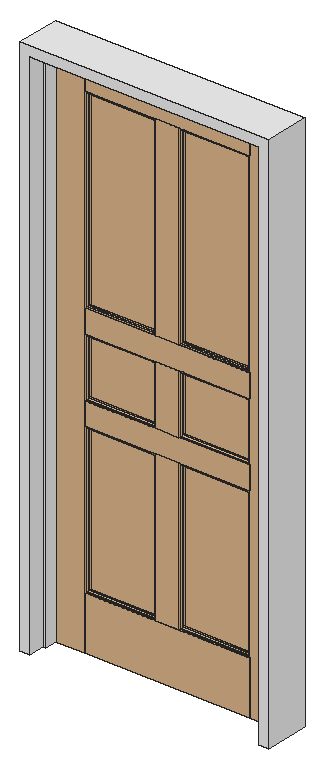
Revit family
Parameters (values of type "1 3/4" Flat Panel")
  URL = "http://www.karonadoor.com"
  Thickness Note = "Do not edit thickness."  # constant formula
  Thickness = 1.774"
  Swing Angle 2D = 90.00°
  SmartBIM Object Version = 1  # constant formula
  SmartBIM Object Created By = "Reed Construction Data"  # constant formula
  Rough Width = 0.000"
  Rough Height = 1.750"
  Panel = Panel_K5600_Karona : 1 3/4" - Flat Panel
  Model = "K5600 Ogee"  # constant formula
  Manufacturer = "Karona , Inc."  # constant formula
  Detail Door Thickness = 1.750"
  Assembly Code = ""
  Top Rail Height = 5.000"
  Top Rail = Wood, Cherry - Grain Horizontal
  Stile Width = 5.063"
  Stile = Wood, Cherry - Grain Vertical
  Sticking = Wood, Cherry - Grain Vertical
  Middle Rail = Wood, Cherry - Grain Horizontal
  Height = 84.000"  # constant formula
  Wall Closure = (empty or 0)
  Width = 36.000"  # constant formula
  Frame = Metal
  Bottom Rail Height = 8.500"
  Bottom Rail = Wood, Cherry - Grain Horizontal
  95 CSI = "08210"  # constant formula
  04 CSI = "08 14 33"  # constant formula
Types (9): name | Thickness | Rough Height | Panel | Detail Door Thickness
  1 3/4" Flat Panel | 1.774" | 1.750" | Panel_K5600_Karona : 1 3/4" - Flat Panel | 1.750"
  1 3/8" Flat Panel | 1.334" | 0.000" | Panel_K5600_Karona : 1 3/8" - Flat Panel | 1.375"
  2 1/4" Flat Panel | 2.250" | 0.000" | Panel_K5600_Karona : 2 1/4" - Flat Panel | 2.250"
  1 3/4" Glass Panel | 1.774" | 1.750" | Panel_K5600_Karona : 1 3/4" - Glass Panel | 1.750"
  1 3/8" Glass Panel | 1.334" | 0.000" | Panel_K5600_Karona : 1 3/8" - Glass Panel | 1.375"
  2 1/4" Glass Panel | 2.250" | 0.000" | Panel_K5600_Karona : 2 1/4" - Glass | 2.250"
  1 3/4" Raised Panel | 1.774" | 1.750" | Panel_K5600_Karona : 1 3/4" - Raised Panel | 1.750"
  1 3/8" Raised Panel | 1.334" | 0.000" | Panel_K5600_Karona : 1 3/8" - Raised Panel | 1.375"
  2 1/4" Raised Panel | 2.250" | 0.000" | Panel_K5600_Karona : 2 1/4" - Raised Panel | 2.250"
Reference planes (in)
  plane 1 "Center (Front/Back)": y = 0
  plane 2 "Center (Left/Right)": x = 0
  plane 3 "Left": x = -18
  plane 4 "Right": x = 18
  plane 5 "Top": z = 84
  plane 6 "Exterior Edge of Frame": y = 3.5
  plane 7 "Interior Edge of Frame": y = -3.5
  plane 8: y = 1
  plane 9: y = -1
  plane 10 "Opening Left": x = -19.5
  plane 11 "Opening Right": x = 19.5
  plane 12 "Top of Opening": z = 85.5
  plane 13: x = -17.5
Forms (in)
  Sweep 1, solid, material "Metal" <- "Frame"
    path origin (0, 0, 0) x (1, 0, 0) y (0, 0, 1)
      loop
        line (-19.5, 0) -> (-19.5, 85.5) -> (19.5, 85.5) -> (19.5, 0)
    profile origin (-19.5, 0, 42.75) x (-1, 0, 0) y (0, -1, 0)
      loop
        line (0, -3.5) -> (0, 3.5) -> (-1.5, 3.5) -> (-1.5, 1) -> (-2, 1) -> (-2, -1) -> (-1.5, -1) -> (-1.5, -3.5) -> (0, -3.5)
Lines and regions (in)
  Opening 1
    outline origin (-90, -3, 0) x (1, 0, 0) y (0, 0, 1)
      loop
        line (70.5, 0) -> (109.5, 0) -> (109.5, 85.5) -> (70.5, 85.5) -> (70.5, 0)
  symbolic lines, style "Elevation Swing"
    curve 1: line (18, 3, 0) -> (-18, 3, 42)
    curve 2: line (-18, 3, 42) -> (18, 3, 84)
Text (in)
  text "Exterior" at (-46.13199, 20.20143, 0), in view "Ref. Level"
  text "Interior" at (-46.13199, -10.56751, 0), in view "Ref. Level"
  text "Exterior" at (0, 40.15149, 123.01588), in view "Right"
  text "Interior" at (0, -64.39139, 123.01588), in view "Right"
  text "Interior" at (0, -31.01599, 123.00693), in view "Left"
  text "Exterior" at (0, 54.57065, 123.00693), in view "Left"
Dimensions and locks (in)
  "Height": level to plane 5 "Top"
  "Width": plane 3 "Left" to plane 4 "Right"
  equal spacing: host wall, curve 2, plane 5 "Top"
  locked: host wall to plane 7 "Interior Edge of Frame" at 0.5
  locked: plane 6 "Exterior Edge of Frame" to host wall at 0.5
  locked: plane 9 to plane 7 "Interior Edge of Frame" at 2.5
  locked: plane 6 "Exterior Edge of Frame" to plane 8 at 2.5
  equal spacing: plane 3 "Left", plane 2 "Center (Left/Right)", plane 4 "Right"
  locked: plane 4 "Right" to plane 11 "Opening Right" at 1.5
  locked: plane 5 "Top" to plane 12 "Top of Opening" at 1.5
  locked: plane 3 "Left" to plane 13 at 0.5
  locked: plane 10 "Opening Left" to plane 3 "Left" at 1.5
  aligned and locked: Opening 1 sketch curve to level
  aligned and locked: plane 4 "Right" to curve 1
  aligned and locked: plane 3 "Left" to curve 1
  aligned and locked: plane 5 "Top" to curve 2
  aligned and locked: Opening 1 sketch curve to plane 11 "Opening Right"
  aligned and locked: plane 12 "Top of Opening" to Opening 1 sketch curve
  aligned and locked: Opening 1 sketch curve to plane 10 "Opening Left"
  aligned and locked: plane 10 "Opening Left" to Sweep 1 sketch curve
  aligned and locked: plane 12 "Top of Opening" to Sweep 1 sketch curve
  aligned and locked: plane 11 "Opening Right" to Sweep 1 sketch curve
  aligned and locked: level to Sweep 1 sketch curve  (x2)
  aligned and locked: Sweep 1 sketch curve to plane 10 "Opening Left"
  aligned and locked: Sweep 1 sketch curve to plane 6 "Exterior Edge of Frame"
  aligned and locked: Sweep 1 sketch curve to plane 7 "Interior Edge of Frame"
  aligned and locked: Sweep 1 sketch curve to plane 8
  aligned and locked: Sweep 1 sketch curve to plane 9
  aligned and locked: plane 13 to Sweep 1 sketch curve
  aligned and locked: plane 3 "Left" to Sweep 1 sketch curve  (x2)
  aligned and locked: nested 1 to plane 2 "Center (Left/Right)"
  aligned and locked: nested 1 to plane 8
  aligned and locked: nested 2 to plane 3 "Left"
  aligned and locked: nested 2 to plane 8
Automatic sketch dimensions
  curve 1 to level = 0.000"
  curve 2 to plane 4 "Right" = 0.000"
Nested families (in)
  nested 1: "Panel_K5600_Karona" at (-13.5, 0.6575, 0) x (-1, 0, 0) z (0, 0, 1), type <- "Panel", type "1 3/4" - Flat Panel"
  nested 2: "Door Panel Plan View" at (-31.5, 1, 0) x (-1, 0, 0) z (0, 0, 1), type "Door Panel Plan View"
    with Thickness 1.750", Height 84.000"
Definition of nested family "Panel_K5600_Karona"
  Parameters (values of type "1 3/4" - Raised Panel")
    Width = 36.000"
    Top Rail Material = Wood, Cherry - Grain Horizontal
    Top Rail Height = 5.000"
    Top Panel Offset = 16.542"
    Thickness Note = "Do not change door thickness"  # constant formula
    Thickness = 1.774"
    Stile Width = 5.063"
    Stile Material = Wood, Cherry - Grain Vertical
    Sticking Material = Wood, Cherry - Grain Vertical
    Panel Width = (Width - ((2 * Stile Width) + Mullion Width)) / 2  # 11.1245"
    Panel Height = Height - (Top Rail Height + Mullion Width + Middle Panel Height + Mullion Width + Bottom Panel Height + Bottom Rail Height)  # 30.500"
    Panel = Glass-Sticking-Assembly-Ogee_Karona : Raised Panel
    Mullion Width = 3.625"  # constant formula
    Middle Panel Width = Width - (2 * Stile Width)  # 25.874"
    Middle Panel Height = 9.375"  # constant formula
    Interior Panel = Wood, Cherry - Grain Vertical
    Height = 84.000"
    Exterior Edge - Glass Bottom Offset = if(Thickness = 1.774", 0.567", if(Thickness = 2.250", 0.803", 0.469"))  # 0.567"
    Door Panel Material = Wood, Cherry - Grain Vertical
    Default Elevation = 0.000"  # constant formula
    Bottom Rail Material = Wood, Cherry - Grain Horizontal
    Bottom Rail Height = 8.500"
    Bottom Panel Height = Bottom Height - (Mullion Width + Bottom Rail Height)  # 23.375"
    Bottom Height = 35.500"
    Assembly Code = ""
  Types (9): name | Top Panel Offset | Thickness | Panel | Interior Panel | Exterior Edge - Glass Bottom Offset
    2 1/4" - Flat Panel | 14.875" | 2.250" | Glass-Sticking-Assembly-Ogee_Karona : Flat Panel | Wood, Cherry - Grain Vertical | 0.803"
    2 1/4" - Glass | 14.875" | 2.250" | Glass-Sticking-Assembly-Ogee_Karona : Glass Panel | Glass | 0.803"
    2 1/4" - Raised Panel | 14.875" | 2.250" | Glass-Sticking-Assembly-Ogee_Karona : Raised Panel | Wood, Cherry - Grain Vertical | 0.803"
    1 3/4" - Raised Panel | 16.542" | 1.774" | Glass-Sticking-Assembly-Ogee_Karona : Raised Panel | Wood, Cherry - Grain Vertical | 0.567"
    1 3/4" - Flat Panel | 14.875" | 1.774" | Glass-Sticking-Assembly-Ogee_Karona : Flat Panel | Wood, Cherry - Grain Vertical | 0.567"
    1 3/4" - Glass Panel | 14.875" | 1.774" | Glass-Sticking-Assembly-Ogee_Karona : Glass Panel | Glass | 0.567"
    1 3/8" - Raised Panel | 14.875" | 1.334" | Glass-Sticking-Assembly-Ogee_Karona : Raised Panel | Wood, Cherry - Grain Vertical | 0.469"
    1 3/8" - Glass Panel | 14.875" | 1.334" | Glass-Sticking-Assembly-Ogee_Karona : Glass Panel | Glass | 0.469"
    1 3/8" - Flat Panel | 14.875" | 1.334" | Glass-Sticking-Assembly-Ogee_Karona : Flat Panel | Wood, Cherry - Grain Horizontal | 0.469"
  Reference planes (in)
    plane 1 "Center (Front/Back)": y = 1.2295
    plane 2: z = 0
    plane 3 "Center (Left/Right)": x = -13.5
    plane 4 "Left": x = -31.5
    plane 5: x = 4.5
    plane 6 "Inner Left": x = -26.437
    plane 7 "Inner Right": x = -0.563
    plane 8 "Bottom Of Top Rail": z = 79
    plane 9 "Top": z = 84
    plane 10 "Interior Edge of Door": y = 2.1165
    plane 11: z = 79
    plane 12 "Exterior Edge of Door": y = 0.3425
    plane 13 "Bottom of Glass": y = 0.9095
    plane 14 "Left Panel Vertical Midline": x = -13.5
    plane 15: z = 48.5
    plane 16: z = 44.875
    plane 17: z = 35.5
    plane 18: z = 31.875
    plane 19: z = 8.5
    plane 20: z = 63.75
    plane 21: z = 20.1875
    plane 22: z = 40.1875
    plane 23: x = -20.87475
    plane 24: x = -6.12525
    plane 25: x = -15.3125
    plane 26: x = -11.6875
  Forms (in)
    Extrusion 1, solid, material "Wood, Cherry - Grain Horizontal" <- "Bottom Rail Material"
      sketch origin (0, -101.3125, 0) x (1, 0, 0) y (0, 0, 1)
        loop
          line (-26.437, 0) -> (-0.563, 0) -> (-0.563, 8.5) -> (-26.437, 8.5) -> (-26.437, 0)
      from -103.429 to -101.655
    Extrusion 2, solid, material "Wood, Cherry - Grain Vertical" <- "Stile Material"
      sketch origin (0, 1.2295, 0) x (1, 0, 0) y (0, 0, 1)
        loop
          line (-31.5, 84) -> (-31.5, 0) -> (-26.437, 0) -> (-26.437, 84) -> (-31.5, 84)
        loop
          line (-0.563, 0) -> (4.5, 0) -> (4.5, 84) -> (-0.563, 84) -> (-0.563, 0)
      from -0.887 to 0.887
    Extrusion 3, solid, material "Wood, Cherry - Grain Horizontal" <- "Top Rail Material"
      sketch origin (0, 1.2295, 0) x (1, 0, 0) y (0, 0, 1)
        loop
          line (-26.437, 84) -> (-26.437, 79) -> (-0.563, 79) -> (-0.563, 84) -> (-26.437, 84)
      from -0.887 to 0.887
    Extrusion 4, solid, material "Wood, Cherry - Grain Horizontal" <- "Top Rail Material"
      sketch origin (0, 1.2295, 0) x (1, 0, 0) y (0, 0, 1)
        loop
          line (-26.437, 31.875) -> (-0.563, 31.875) -> (-0.563, 35.5) -> (-26.437, 35.5) -> (-26.437, 31.875)
        loop
          line (-26.437, 48.5) -> (-26.437, 44.875) -> (-0.563, 44.875) -> (-0.563, 48.5) -> (-26.437, 48.5)
      from -0.887 to 0.887
    Extrusion 5, solid, material "Wood, Cherry - Grain Vertical" <- "Door Panel Material"
      sketch origin (0, 1.2295, 0) x (1, 0, 0) y (0, 0, 1)
        loop
          line (-15.3125, 79) -> (-15.3125, 48.5) -> (-11.6875, 48.5) -> (-11.6875, 79) -> (-15.3125, 79)
        loop
          line (-15.3125, 31.875) -> (-15.3125, 8.5) -> (-11.6875, 8.5) -> (-11.6875, 31.875) -> (-15.3125, 31.875)
        loop
          line (-15.3125, 35.5) -> (-11.6875, 35.5) -> (-11.6875, 44.875) -> (-15.3125, 44.875) -> (-15.3125, 35.5)
      from -0.887 to 0.887
  Text (in)
    text "EXTERIOR" at (-34.59289, -1.27941, 0), in view "Ref. Level"
    text "EXTERIOR" at (0, -9.65287, 72.76687), in view "Left"
    text "EXTERIOR" at (0, -33.33473, 96.68074), in view "Right"
  Dimensions and locks (in)
    equal spacing: plane 4 "Left", plane 3 "Center (Left/Right)", plane 5
    "Width": plane 4 "Left" to plane 5
    "Stile Width": plane 4 "Left" to plane 6 "Inner Left"
    "Stile Width": plane 5 to plane 7 "Inner Right"
    "Top Rail Height": plane 9 "Top" to plane 8 "Bottom Of Top Rail"
    "Height": plane 9 "Top" to plane 2
    equal spacing: plane 10 "Interior Edge of Door", plane 1 "Center (Front/Back)", plane 12 "Exterior Edge of Door"
    "Thickness": plane 10 "Interior Edge of Door" to plane 12 "Exterior Edge of Door"
    "Exterior Edge - Glass Bottom Offset": plane 13 "Bottom of Glass" to plane 12 "Exterior Edge of Door"
    "Exterior Edge - Glass Bottom Offset": plane 12 "Exterior Edge of Door" to plane 13 "Bottom of Glass"
    "Mullion Width": plane 15 to plane 16
    "Bottom Rail Height": plane 19 to level
    "Panel Height": plane 11 to plane 15
    equal spacing: plane 11, plane 20, plane 15
    equal spacing: plane 18, plane 21, plane 19
    "Mullion Width": plane 17 to plane 18
    equal spacing: plane 16, plane 22, plane 17
    "Mullion Width": plane 26 to plane 25
    equal spacing: plane 25, plane 23, plane 6 "Inner Left"
    equal spacing: plane 26, plane 24, plane 7 "Inner Right"
    equal spacing: plane 26, plane 3 "Center (Left/Right)", plane 25
    "Bottom Height": plane 17 to level
    aligned and locked: Extrusion 1 to plane 2
    aligned and locked: plane 10 "Interior Edge of Door" to Extrusion 1
    aligned and locked: plane 4 "Left" to Extrusion 2 sketch curve
    aligned and locked: Extrusion 2 sketch curve to plane 9 "Top"
    aligned and locked: Extrusion 2 sketch curve to Extrusion 1  (x3)
    aligned and locked: Extrusion 1 to Extrusion 2 sketch curve
    aligned and locked: plane 9 "Top" to Extrusion 2 sketch curve
    aligned and locked: plane 5 to Extrusion 2 sketch curve
    aligned and locked: plane 10 "Interior Edge of Door" to Extrusion 2
    aligned and locked: Extrusion 2 to Extrusion 3 sketch curve
    aligned and locked: Extrusion 3 sketch curve to Extrusion 2
    aligned and locked: plane 10 "Interior Edge of Door" to Extrusion 3
    aligned and locked: plane 11 to plane 8 "Bottom Of Top Rail"
    aligned and locked: level to plane 2
    aligned and locked: Extrusion 3 to plane 12 "Exterior Edge of Door"
    aligned and locked: Extrusion 3 to plane 10 "Interior Edge of Door"
    aligned and locked: Extrusion 2 to plane 12 "Exterior Edge of Door"
    aligned and locked: Extrusion 3 to plane 11
    aligned and locked: Extrusion 1 to Extrusion 2
    aligned and locked: nested 1 to plane 1 "Center (Front/Back)"
    aligned and locked: plane 20 to nested 2
    aligned and locked: Extrusion 4 sketch curve to plane 18
    aligned and locked: Extrusion 4 sketch curve to plane 6 "Inner Left"  (x2)
    aligned and locked: Extrusion 4 sketch curve to plane 7 "Inner Right"  (x2)
    aligned and locked: Extrusion 4 sketch curve to plane 17
    aligned and locked: Extrusion 4 sketch curve to plane 15
    aligned and locked: Extrusion 4 sketch curve to plane 16
    aligned and locked: plane 10 "Interior Edge of Door" to Extrusion 4
    aligned and locked: Extrusion 4 to plane 12 "Exterior Edge of Door"
    aligned and locked: plane 23 to nested 2
    aligned and locked: plane 23 to nested 1
    aligned and locked: nested 5 to plane 20
    aligned and locked: nested 4 to plane 21
    aligned and locked: plane 24 to nested 5
    aligned and locked: plane 24 to nested 4
    aligned and locked: plane 1 "Center (Front/Back)" to nested 4
    aligned and locked: plane 1 "Center (Front/Back)" to nested 5
    aligned and locked: Extrusion 5 sketch curve to plane 25  (x3)
    aligned and locked: plane 26 to Extrusion 5 sketch curve  (x3)
    aligned and locked: Extrusion 5 sketch curve to plane 15
    aligned and locked: Extrusion 5 sketch curve to plane 11
    aligned and locked: Extrusion 5 sketch curve to plane 18
    aligned and locked: Extrusion 5 sketch curve to plane 19
    aligned and locked: plane 10 "Interior Edge of Door" to Extrusion 5
    aligned and locked: Extrusion 5 to plane 12 "Exterior Edge of Door"
    aligned and locked: plane 23 to nested 3
    aligned and locked: nested 6 to plane 22
    aligned and locked: plane 24 to nested 6
    aligned and locked: plane 1 "Center (Front/Back)" to nested 6
    aligned and locked: Extrusion 5 sketch curve to plane 17
    aligned and locked: Extrusion 5 sketch curve to plane 16
    aligned and locked: plane 22 to nested 3
    aligned and locked: plane 21 to nested 1
  Automatic sketch dimensions
    Extrusion 1 sketch curve to plane 6 "Inner Left" = 0.000"
    Extrusion 1 sketch curve to plane 7 "Inner Right" = 0.000"
    Extrusion 1 sketch curve to level = 0.000"
    Extrusion 1 sketch curve to plane 19 = 0.000"
    Extrusion 3 sketch curve to plane 7 "Inner Right" = 0.000"
    Extrusion 3 sketch curve to plane 8 "Bottom Of Top Rail" = 0.000"
  Nested families (in)
    nested 1: "Glass-Sticking-Assembly-Ogee_Karona" at (-21.3435, 1.38, 8.5), Width <- "Panel Width", Height <- "Bottom Panel Height", type <- "Panel", type "Raised Panel"
      with Width 11.1245", Height 23.375", Door Thickness 1.774", C 0.131", B 0.567", A 0.128"
    nested 2: "Glass-Sticking-Assembly-Ogee_Karona" at (-21.3435, 1.382, 48.5), Width <- "Panel Width", Height <- "Panel Height", type <- "Panel", type "Raised Panel"
      with Width 11.1245", Height 30.500", Door Thickness 1.774", C 0.131", B 0.567", A 0.128"
    nested 3: "Glass-Sticking-Assembly-Ogee_Karona" at (-21.3435, 1.38, 35.5), Width <- "Panel Width", Height <- "Middle Panel Height", type <- "Panel", type "Raised Panel"
      with Width 11.1245", Height 9.375", Door Thickness 1.774", C 0.131", B 0.567", A 0.128"
    nested 4: "Glass-Sticking-Assembly-Ogee_Karona" at (-5.6565, 1.38, 8.5) x (-1, 0, 0) z (0, 0, 1), Width <- "Panel Width", Height <- "Bottom Panel Height", type <- "Panel", type "Raised Panel"
      with Width 11.1245", Height 23.375", Door Thickness 1.774", C 0.131", B 0.567", A 0.128"
    nested 5: "Glass-Sticking-Assembly-Ogee_Karona" at (-5.6565, 1.38, 48.5) x (-1, 0, 0) z (0, 0, 1), Width <- "Panel Width", Height <- "Panel Height", type <- "Panel", type "Raised Panel"
      with Width 11.1245", Height 30.500", Door Thickness 1.774", C 0.131", B 0.567", A 0.128"
    nested 6: "Glass-Sticking-Assembly-Ogee_Karona" at (-5.6565, 1.38, 35.5) x (-1, 0, 0) z (0, 0, 1), Width <- "Panel Width", Height <- "Middle Panel Height", type <- "Panel", type "Raised Panel"
      with Width 11.1245", Height 9.375", Door Thickness 1.774", C 0.131", B 0.567", A 0.128"
  Definition of nested family "Glass-Sticking-Assembly-Ogee_Karona"
    Parameters (values of type "Glass Panel")
      Width [instance] = 5.000"
      Vertical Profile Offset = if(Glass Panel, 0.490", 0.100")  # 0.490"
      Stop Adjustment = if(and(not(Glass Panel), Door Thickness = 1.774"), 0.513", if(and(not(Glass Panel), Door Thickness = 2.250"), 0.513", if((Glass Panel), 0.125", 0.273")))  # 0.125"
      Profile = Wood, Cherry - Grain Vertical
      Height [instance] = 23.000"
      Raised Panel = no
      Interior Panel = Glass
      Glass Panel = yes
      Door Thickness = 1.334"
      C = if(Door Thickness = 1.774", 0.131", if(Door Thickness = 2.250", 0.370", 0.093"))  # 0.093"
      B = if(Door Thickness = 1.774", 0.567", if(Door Thickness = 2.250", 0.803", 0.469"))  # 0.469"
      Assembly Code = ""
      A = if(Door Thickness = 1.774", 0.128", if(Door Thickness = 2.250", 0.364", 0.095"))  # 0.095"
    Types (3): name | Width | Vertical Profile Offset | Stop Adjustment | Raised Panel | Interior Panel | Glass Panel | Door Thickness | C | B | A
      Glass Panel | 5.000" | 0.490" | 0.125" | no | Glass | yes | 1.334" | 0.093" | 0.469" | 0.095"
      Flat Panel | 4.500" | 0.100" | 0.513" | no | Wood, Cherry - Grain Vertical | no | 2.250" | 0.370" | 0.803" | 0.364"
      Raised Panel | 4.000" | 0.100" | 0.513" | yes | Wood, Cherry - Grain Vertical | no | 2.250" | 0.370" | 0.803" | 0.364"
    Reference planes (in)
      plane 1 "Stop Adjustment Edge": y = -0.3455
      plane 2: z = 0
      plane 3 "Center (Left/Right)": x = 0.46875
      plane 4 "Back": y = 0.3945
      plane 5 "Front": y = -0.9395
      plane 6 "Left": x = -2.03125
      plane 7 "Right": x = 2.96875
      plane 8 "Top": z = 23
      plane 9 "Center (Up/Down)": z = 11.5
      plane 10 "Bottom of Stop": y = -0.2205
      plane 11 "Bottom of Glass": y = -0.4705
      plane 12 "Right Edge of Glass": x = 2.91875
      plane 13 "Left Edge of Glass": x = -1.98125
      plane 14 "Top Edge of Glass": z = 22.90625
      plane 15 "Bottom Edge of Glass": z = 0.09375
      plane 16: x = 2.84375
      plane 17 "A": y = -0.8445
      plane 18 "C": y = 0.3015
      plane 19 "Bottom Cut Line": z = 0.438
      plane 20 "Top Cut Line": z = 22.562
      plane 21 "Cut Vertical Left": x = -1.59325
      plane 22 "Cut Vertical": x = 2.53075
      plane 23 "Center (Front/Back)": y = -0.2725
    Forms (in)
      Sweep 1, solid, material "Wood, Cherry - Grain Vertical" <- "Profile"
        path origin (0, -0.3455, 0) x (1, 0, 0) y (0, 0, 1)
          loop
            line (2.96875, 23) -> (-2.03125, 23) -> (-2.03125, 0) -> (2.96875, 0) -> (2.96875, 23)
        profile origin (2.96875, -0.3455, 11.5) x (0, -1, 0) y (1, 0, 0)
          loop
            line (-0.647, 0) -> (-0.647, -0.438) -> (-0.125, -0.438) -> (-0.125, -0.05) -> (0.125, -0.05) -> (0.125, -0.438) -> (0.499, -0.438) -> (0.499, 0) -> (-0.647, 0)
      Extrusion 2, solid, material "Glass" <- "Interior Panel"
        sketch origin (0, 0, 0) x (1, 0, 0) y (0, 1, 0)
          loop
            line (-1.98125, -0.2205) -> (-1.98125, -0.4705) -> (2.91875, -0.4705) -> (2.91875, -0.2205) -> (-1.98125, -0.2205)
        from 0.09375 to 22.90625
      Extrusion 3, solid, material "Wood, Cherry - Grain Vertical" <- "Profile", visible <- "Raised Panel"
        sketch origin (0, 0, 0) x (1, 0, 0) y (0, 1, 0)
          loop
            line (2.53075, 0.3015) -> (-1.59325, 0.3015) -> (-1.59325, -0.2205) -> (2.53075, -0.2205) -> (2.53075, 0.3015)
          loop
            line (-1.59325, -0.4705) -> (-1.59325, -0.8445) -> (2.53075, -0.8445) -> (2.53075, -0.4705) -> (-1.59325, -0.4705)
        from 0.438 to 22.562
      Sweep 4, void
        path origin (0, -0.2205, 0) x (-1, 0, 0) y (0, 0, 1)
          loop
            line (2.03125, 0) -> (2.03125, 23) -> (-2.96875, 23) -> (-2.96875, 0) -> (2.03125, 0)
        profile "Profile : 05" origin (-2.03125, -0.2205, 11.5) x (1, 0, 0) y (0, 1, 0)
          loop
            line (0, 0.49) -> (0.36169, 0.49096)
            arc (0.36169, 0.49096) -> (1.01257, 0.57642) -> (1.61934, 0.827) r 2.52143
            line (1.61934, 0.827) -> (0, 0.827) -> (0, 0.49)
      Sweep 5, void
        path origin (0, -0.4705, 0) x (-1, 0, 0) y (0, 0, 1)
          loop
            line (-2.96875, 23) -> (-2.96875, 0) -> (2.03125, 0) -> (2.03125, 23) -> (-2.96875, 23)
        profile "Profile : 05" origin (2.96875, -0.4705, 11.5) x (-1, 0, 0) y (0, 1, 0)
          loop
            line (0, -0.102) -> (0, -0.439) -> (1.61934, -0.439)
            arc (1.61934, -0.439) -> (1.01257, -0.18842) -> (0.36169, -0.10296) r 2.52143
            line (0.36169, -0.10296) -> (0, -0.102)
      Sweep 6, void
        path origin (0, 0.3015, 0) x (1, 0, 0) y (0, 0, 1)
          loop
            line (-1.59325, 0.438) -> (2.53075, 0.438) -> (2.53075, 22.562) -> (-1.59325, 22.562) -> (-1.59325, 0.438)
        profile "QuarterCircleCut : QuarterCircleCut" origin (2.53075, 0.3015, 11.5) x (-1, 0, 0) y (0, -1, 0)
          loop
            arc (0.3196, 0) -> (0.182, 0.057) -> (0.125, 0.1946) r 0.1946
            line (0.125, 0.1946) -> (0.125, 0.27745) -> (0, 0.27745) -> (0, 0) -> (0.3196, 0)
      Sweep 7, void
        path origin (0, -0.8445, 0) x (1, 0, 0) y (0, 0, 1)
          loop
            line (-1.59325, 0.438) -> (2.53075, 0.438) -> (2.53075, 22.562) -> (-1.59325, 22.562) -> (-1.59325, 0.438)
        profile "QuarterCircleCut : QuarterCircleCut" origin (2.53075, -0.8445, 11.5) x (-1, 0, 0) y (0, -1, 0)
          loop
            line (0.3196, 0) -> (0, 0) -> (0, -0.27745) -> (0.125, -0.27745) -> (0.125, -0.1946)
            arc (0.125, -0.1946) -> (0.182, -0.057) -> (0.3196, 0) r 0.1946
    Cuts and joins
      Sweep 4, Sweep 5, Sweep 7 cuts Extrusion 3
      Sweep 6, Sweep 7 cuts Sweep 1
    Text (in)
      text "INTERIOR" at (-14.3788, 3.49864, 0), in view "Ref. Level"
    Dimensions and locks (in)
      equal spacing: plane 6 "Left", plane 3 "Center (Left/Right)", plane 7 "Right"
      "Width": plane 6 "Left" to plane 7 "Right"
      "Door Thickness": plane 4 "Back" to plane 5 "Front"
      "Height": plane 8 "Top" to plane 2
      equal spacing: plane 8 "Top", plane 9 "Center (Up/Down)", level
      locked: plane 1 "Stop Adjustment Edge" to plane 11 "Bottom of Glass" at 0.125
      "Stop Adjustment": plane 10 "Bottom of Stop" to plane 1 "Stop Adjustment Edge"
      locked: plane 12 "Right Edge of Glass" to plane 7 "Right" at 0.05
      locked: plane 8 "Top" to plane 14 "Top Edge of Glass" at 0.09375
      locked: plane 15 "Bottom Edge of Glass" to level at 0.09375
      locked: plane 6 "Left" to plane 13 "Left Edge of Glass" at 0.05
      "B": plane 5 "Front" to plane 11 "Bottom of Glass"
      locked: plane 16 to plane 7 "Right" at 0.125
      "A": plane 5 "Front" to plane 17 "A"
      "C": plane 18 "C" to plane 4 "Back"
      plane 4 "Back" to Sweep 1 = 0.615"
      locked: plane 19 "Bottom Cut Line" to level at 0.438
      locked: plane 8 "Top" to plane 20 "Top Cut Line" at 0.438
      locked: plane 6 "Left" to plane 21 "Cut Vertical Left" at 0.438
      locked: plane 22 "Cut Vertical" to plane 7 "Right" at 0.438
      equal spacing: plane 4 "Back", plane 23 "Center (Front/Back)", plane 5 "Front"
      aligned and locked: Sweep 1 sketch curve to plane 7 "Right"
      aligned and locked: Sweep 1 sketch curve to plane 8 "Top"
      aligned and locked: Sweep 1 sketch curve to plane 6 "Left"
      aligned and locked: Sweep 1 sketch curve to level
      aligned and locked: plane 10 "Bottom of Stop" to Sweep 1 sketch curve
      aligned and locked: plane 11 "Bottom of Glass" to Sweep 1 sketch curve
      aligned and locked: Extrusion 2 sketch curve to plane 13 "Left Edge of Glass"
      aligned and locked: Extrusion 2 sketch curve to plane 10 "Bottom of Stop"
      aligned and locked: Extrusion 2 sketch curve to plane 11 "Bottom of Glass"
      aligned and locked: Extrusion 2 sketch curve to plane 12 "Right Edge of Glass"
      aligned and locked: plane 14 "Top Edge of Glass" to Extrusion 2
      aligned and locked: Extrusion 2 to plane 15 "Bottom Edge of Glass"
      aligned and locked: Extrusion 3 sketch curve to plane 18 "C"
      aligned and locked: Extrusion 3 sketch curve to plane 10 "Bottom of Stop"
      aligned and locked: Extrusion 3 sketch curve to plane 11 "Bottom of Glass"
      aligned and locked: Extrusion 3 sketch curve to plane 17 "A"
      aligned and locked: Extrusion 3 to plane 19 "Bottom Cut Line"
      aligned and locked: Extrusion 3 to plane 20 "Top Cut Line"
      aligned and locked: plane 12 "Right Edge of Glass" to Sweep 1 sketch curve
      aligned and locked: plane 22 "Cut Vertical" to Extrusion 3 sketch curve  (x2)
      aligned and locked: Extrusion 3 sketch curve to plane 21 "Cut Vertical Left"  (x2)
      aligned and locked: plane 22 "Cut Vertical" to Sweep 1 sketch curve
      aligned and locked: Sweep 5 sketch curve to plane 6 "Left"
      aligned and locked: plane 8 "Top" to Sweep 5 sketch curve
      aligned and locked: Sweep 5 sketch curve to plane 7 "Right"
      aligned and locked: level to Sweep 5 sketch curve
      aligned and locked: Sweep 4 sketch curve to plane 7 "Right"
      aligned and locked: plane 8 "Top" to Sweep 4 sketch curve
      aligned and locked: Sweep 4 sketch curve to plane 6 "Left"
      aligned and locked: level to Sweep 4 sketch curve
      aligned and locked: plane 18 "C" to Sweep 1 sketch curve
      aligned and locked: Sweep 6 sketch curve to plane 21 "Cut Vertical Left"
      aligned and locked: plane 22 "Cut Vertical" to Sweep 6 sketch curve
      aligned and locked: Sweep 6 sketch curve to plane 19 "Bottom Cut Line"
      aligned and locked: plane 20 "Top Cut Line" to Sweep 6 sketch curve
      aligned and locked: Sweep 1 sketch curve to plane 22 "Cut Vertical"
      aligned and locked: plane 17 "A" to Sweep 1 sketch curve
      aligned and locked: Sweep 7 sketch curve to plane 21 "Cut Vertical Left"
      aligned and locked: plane 20 "Top Cut Line" to Sweep 7 sketch curve
      aligned and locked: plane 22 "Cut Vertical" to Sweep 7 sketch curve
      aligned and locked: Sweep 7 sketch curve to plane 19 "Bottom Cut Line"
    Automatic sketch dimensions
      Sweep 1 sketch curve to profile plane = 0.000"
Definition of nested family "Door Panel Plan View"
  Parameters (values of type "Door Panel Plan View")
    Width = 36.000"
    Thickness = 2.000"
    Swing Angle 2D = 90.00°
    Height = 0.000"
    Assembly Code = ""
  Reference planes (in)
    plane 1 "Center (Front/Back)": y = 0
    plane 2: z = 0
    plane 3 "Center (Left/Right)": x = -13.5
  Lines and regions (in)
    symbolic lines, style "DoorsPanelProjection"
      curve 1: line (-13.5, 0, 0) -> (-13.5, 36, 0)
      curve 2: line (-15.5, 0, 0) -> (-15.5, 36, 0)
      curve 3: line (-13.5, 0, 0) -> (-15.5, 0, 0)
      curve 4: line (-13.5, 36, 0) -> (-15.5, 36, 0)
    symbolic lines, style "Plan Swing"
      curve 5: arc (-13.5, 36, 0) -> (-38.95584, 25.45584, 0) -> (-49.5, 0, 0) r 36
  Dimensions and locks (in)
    "Width": curve 4 to curve 3
    "Thickness": curve 1 to curve 2
    "Swing Angle 2D": angle curve 1 to plane 1 "Center (Front/Back)"
    aligned and locked: plane 1 "Center (Front/Back)" to curve 5
  Automatic sketch dimensions
    curve 3 to plane 1 "Center (Front/Back)" = 0.000"
    curve 5 to plane 3 "Center (Left/Right)" = 0.000"
    curve 3 to plane 3 "Center (Left/Right)" = 0.000"
